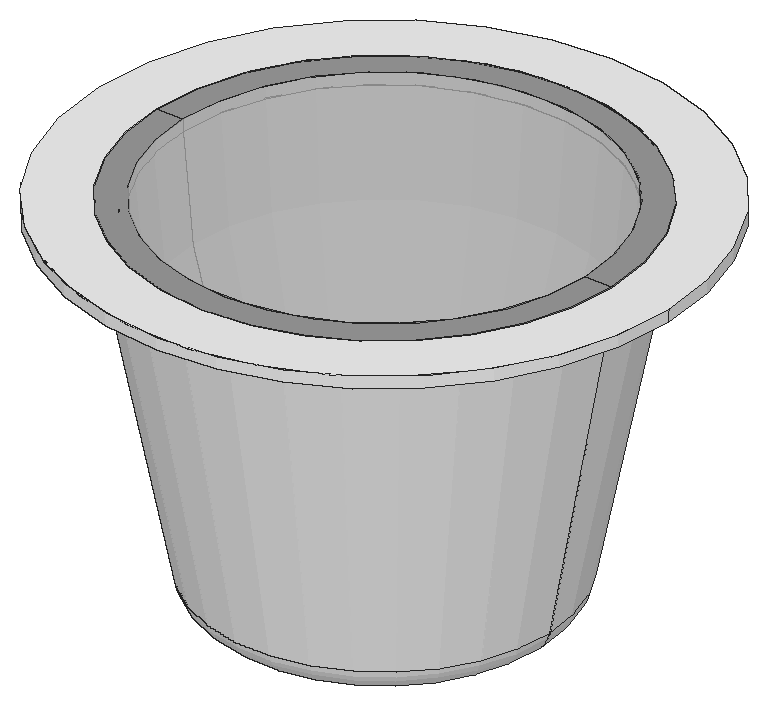
Revit family "2060502 Sylvania Lighting Fixture ASCENT100 II ARCH 650 3K DALI 120", category Lighting Fixtures, host Face, Revit 2016
Family settings
  Host = Face
  Part Type = Normal
  Round Connector Dimension = Use Diameter
  OmniClass Number = 23.80.70.11.17
  OmniClass Title = Specialized Lighting by Location or Use
  Cut with Voids When Loaded = No
  Light Source = Yes
  Shared = No
  Room Calculation Point = No
Parameters (values of type "2060502 ASCT100 II ARCH 650 3K DALI 120")
  Weight = "0.715 kg"
  WarrantyStartDate [instance] = "n/a"
  WarrantyGuarantorParts = "n/a"
  WarrantyDurationUnit = "n/a"
  WarrantyDurationParts = "n/a"
  WarrantyDescription = "n/a"
  Voltage = 0 V
  TypeName = "ASCENT100 II ARCH 650 3K DALI 120"
  SerialNumber [instance] = "n/a"
  ReflectorRadius_SYL = Radius_SYL - 15.0 mm  # 60.0 mm
  PowerFactor = 0
  PowerConsumption = "5 W"
  NominalWidth = 0.0 mm
  NominalLength = 0.0 mm
  NominalHeight = 94.0 mm
  Name = "ASCENT100 II ARCH 650 3K DALI 120"
  ModelReference = "ASCENT100 II ARCH 650 3K DALI 120"
  ModelNumber = "2060502"
  Material_4_SYL = Aluminium_Sylvania_Ascent_Silver
  Radius_SYL = 75.0 mm
  Wattage = 5 W
  built-in parameter 1150110 = 1 (stored number, unit not read)
  URL = "http://www.sylvania-lighting.com"
  built-in parameter 1114217 = 1 (stored number, unit not read)
  Tilt Angle = -90°
  built-in parameter 1150109 = 1 (stored number, unit not read)
  built-in parameter 1150134 = (empty or 0)
  built-in parameter 1150113 = 1 (stored number, unit not read)
  Photometric Web File = "2060502.ies"
  Material = "aluminium housing, acrylic diffuser"
  ManufacturerName = "Feilo Sylvania"
  LuminousEfficacy = "128 lm/W"
  LuminaireType = ""
  LightOutputRatio = "100"
  LampsType = Lamp  # "LED"
  LampNominalLuminous = "638 lm"
  LampMacAdamStep = "n/a"
  LampColourTemperature = "3000 K"
  LampColourRenderingIndex = "80"
  Keynote = "16500"
  InstallationDate [instance] = "n/a"
  InputVoltage = "n/a"
  InputNominalFrequency = "n/a"
  IngressProtection = "IP40"
  ImpactProtectionIndex = "IK02"
  IfcExportType = "IfcLightFixtureType"
  IfcExportAs = "IfcLightFixtureType"
  Height_SYL = 94.0 mm
  ExpectedLife = 50000
  Emit from Circle Diameter = 2 * DiffuserRadius_SYL  # 106.0 mm
  Emit Shape Visible in Rendering = no
  ElectricShockClassification = "Class II"
  DurationUnit = "hours"
  DocumentationLiterature = "http://www.sylvania-lighting.com/product/en-int/products/2060502"
  DimmingControlOptions = "n/a"
  DiffuserRadius_SYL = ReflectorRadius_SYL - 7.0 mm  # 53.0 mm
  Material_3_SYL = Polycarbonate_Sylvania_Ascent_Clear
  Diameter_SYL = 2 * Radius_SYL  # 150.0 mm
  CutoutDiameter_SYL = Diameter_SYL - 13.0 mm  # 137.0 mm
  CreatedOn = "9/17/2018"
  CreatedBy = "@sylvania-lighting.com"
  built-in parameter 1114216 [instance] = 1 (stored number, unit not read)
  Model = "ASCENT100 II ARCH 650 3K DALI 120"
  Manufacturer = "Feilo Sylvania"
  built-in parameter 1150105 = 50.93 (stored number, unit not read)
  Lumens = 640 lm
  built-in parameter 1150115 = 1 (stored number, unit not read)
  built-in parameter 1150137 = (empty or 0)
  built-in parameter 1150139 = (empty or 0)
  built-in parameter 1150112 = 1 (stored number, unit not read)
  built-in parameter 1150114 = 1 (stored number, unit not read)
  Lamp = "LED"
  built-in parameter 1150132 = 2
  built-in parameter 1150102 = (empty or 0)
  built-in parameter 1150107 = 3000 (stored number, unit not read)
  built-in parameter 1150138 = (empty or 0)
  built-in parameter 1150106 = 0.5093 (stored number, unit not read)
  Material_1_SYL = Aluminum_Sylvania_Ascent_White
  built-in parameter 1150104 = 11.892 (stored number, unit not read)
  Dimming Lamp Color Temperature Shift = <None>
  Description = "Direct LED retro fit for original LED 100 Arch (120) single CFL lamp offering Matching lumen levels and improved light distribution of original LED 100 CFL lamp equivalents Typically half the power consumption compared to CFL Up to 104lm/W 120mm aperture Architectural reflector accepts range of glass accessories from existing LED 100 Arch 120 offering HE, HO and VHO versions equivalent of single 1 x 13W, 1 x 18W, 1 x 26W Additional VVHO versions which offer the performance circa 2 x 26W equivalent"  # constant formula
  Default Elevation = 0.0 mm
  Color Filter = 16777215
  built-in parameter 1140040 [instance] = 1
  BarCode [instance] = "n/a"
  built-in parameter 1114218 = 1 (stored number, unit not read)
  built-in parameter 1150133 = 10 (stored number, unit not read)
  AssetType = "Fixed"
  AssetIdentifier [instance] = "n/a"
  Assembly Code = "D5020200"
  Apparent Load = 5 VA
  Aperture_SYL = 2 * ReflectorRadius_SYL  # 120.0 mm
  Material_2_SYL = Aluminum_Sylvania_Ascent_White
Reference planes
  plane 1 "Center (Front/Back)": y = 0
  plane 2: z = 0
  plane 3 "Center (Left/Right)": x = 0
  plane 4 "Fixture Bottom": z = 3
  plane 5: z = -52.5
  plane 6 "Fixture Top": z = -91
Forms (mm)
  Extrusion 1, solid, material "Aluminum_Sylvania_Ascent_White" <- "Material_2_SYL", detail levels fine
    sketch origin (0, 0, 0) x (1, 0, 0) y (0, 1, 0)
      loop
        circle (0, 0) r 75
      loop
        circle (0, 0) r 60
    from 0 to 3
  Extrusion 2, void
    sketch origin (0, 0, 0) x (1, 0, 0) y (0, 1, 0)
      loop
        circle (0, 0) r 68.5
    from -91 to 3
  Revolve 3, solid, material "Aluminum_Sylvania_Ascent_White" <- "Material_1_SYL", detail levels fine
    sketch origin (0, 0, 0) x (1, 0, 0) y (0, 0, 1)
      loop
        line (0, -91.073) -> (0, -89.023) -> (-35.468, -89.014)
        arc (-35.468, -89.014) -> (-39.352, -87.613) -> (-41.54, -84.139) r 6.307
        line (-41.54, -84.139) -> (-57.991, -2.844) -> (-57.991, 0) -> (-60, 0) -> (-60, -3) -> (-43.5, -84.536)
        arc (-43.5, -84.536) -> (-40.643, -89.203) -> (-35.5, -91.073) r 8.291
        line (-35.5, -91.073) -> (0, -91.073)
      axis (0, 0) -> (0, -91.073)
    angle from 0 to 360
  Revolve 4, solid, material "Aluminium_Sylvania_Ascent_Silver" <- "Material_4_SYL", detail levels fine
    sketch origin (0, 0, 0) x (1, 0, 0) y (0, 0, 1)
      loop
        line (-60, 3) -> (-60, 0) -> (-55, 0)
        arc (-55, 0) -> (-52.349, -26.77) -> (-44.5, -52.5) r 136.5
        line (-44.5, -52.5) -> (-38, -52.5)
        arc (-38, -52.5) -> (-36.857, -61.521) -> (-33.5, -69.971) r 36.166
        line (-33.5, -69.971) -> (0, -69.971) -> (0, -50.5) -> (-43.16, -50.5)
        arc (-43.16, -50.5) -> (-50.517, -25.725) -> (-53, 0) r 134.5
        line (-53, 0) -> (-53, 3) -> (-60, 3)
      axis (0, 3) -> (0, -69.971)
    angle from 0 to 360
  Extrusion 5, solid, material "Polycarbonate_Sylvania_Ascent_Clear" <- "Material_3_SYL", detail levels fine
    sketch origin (0, 0, 0) x (1, 0, 0) y (0, 1, 0)
      loop
        circle (0, 0) r 53
    from 0 to 3
  Revolve 6, solid, material "Aluminum_Sylvania_Ascent_White" <- "Material_2_SYL", detail levels coarse+medium
    sketch origin (0, 0, 0) x (1, 0, 0) y (0, 0, 1)
      loop
        line (0, -91.073) -> (0, 3) -> (-75, 3) -> (-75, 0) -> (-60, 0) -> (-60, -3) -> (-43.5, -84.536)
        arc (-43.5, -84.536) -> (-40.643, -89.203) -> (-35.5, -91.073) r 8.291
        line (-35.5, -91.073) -> (0, -91.073)
      axis (0, 3) -> (0, -91.073)
    angle from 0 to 360
Dimensions and locks
  locked: plane 4 "Fixture Bottom" to plane 2 at 3
  "Height_SYL": plane 4 "Fixture Bottom" to plane 6 "Fixture Top"
  "ReflectorRadius_SYL": plane 3 "Center (Left/Right)" to Revolve 4 sketch curve
  locked: Revolve 4 sketch curve to Revolve 4 sketch curve at 15.5
  locked: Revolve 4 sketch curve to Revolve 4 sketch curve at 5
  locked: Revolve 4 sketch curve to Revolve 4 sketch curve at 7
  locked: Revolve 4 sketch curve to Revolve 4 sketch curve at 22
  locked: Revolve 4 sketch curve to Revolve 4 sketch curve at 26.5
  locked: Revolve 3 sketch curve to Revolve 3 sketch curve at 16.5
  locked: Revolve 3 sketch curve to Revolve 3 sketch curve at 24.5
  "ReflectorRadius_SYL": Revolve 3 sketch curve to plane 3 "Center (Left/Right)"
  locked: Revolve 3 sketch curve to plane 6 "Fixture Top" at 6.464
  locked: plane 2 to Revolve 3 sketch curve at 3
  locked: Revolve 3 sketch curve to Revolve 3 sketch curve at 2
  locked: Revolve 3 sketch curve to Revolve 3 sketch curve at 2.009
  locked: plane 2 to plane 5 at 52.5
  locked: Revolve 6 sketch curve to Revolve 6 sketch curve at 31.5
  locked: Revolve 6 sketch curve to Revolve 6 sketch curve at 39.5
  locked: Revolve 6 sketch curve to Revolve 6 sketch curve at 15
  "Radius_SYL": plane 3 "Center (Left/Right)" to Revolve 6 sketch curve
  "CutoutDiameter_SYL": diameter of Extrusion 2 sketch curve
  "ReflectorRadius_SYL": radius of Extrusion 1 sketch curve
  "DiffuserRadius_SYL": radius of Extrusion 5 sketch curve
  "Radius_SYL": radius of Extrusion 1 sketch curve
  aligned and locked: host face to plane 2
  aligned and locked: host face to level
  aligned and locked: plane 1 "Center (Front/Back)" to imposter light
  aligned and locked: plane 3 "Center (Left/Right)" to imposter light
  aligned and locked: plane 4 "Fixture Bottom" to Extrusion 1
  aligned and locked: Extrusion 1 to plane 2
  aligned and locked: Revolve 3 sketch curve to plane 3 "Center (Left/Right)"
  aligned and locked: Revolve 4 sketch curve to plane 3 "Center (Left/Right)"  (x2)
  aligned and locked: plane 4 "Fixture Bottom" to Revolve 4 sketch curve
  aligned and locked: Revolve 3 sketch curve to imposter light
  aligned and locked: Extrusion 5 to plane 2
  aligned and locked: imposter light to Extrusion 5
  aligned and locked: plane 2 to Revolve 3 sketch curve  (x2)
  aligned and locked: Revolve 6 sketch curve to imposter light
  aligned and locked: Revolve 6 sketch curve to plane 3 "Center (Left/Right)"
  aligned and locked: plane 6 "Fixture Top" to Extrusion 2
  aligned and locked: imposter light to Extrusion 2
  aligned and locked: imposter light to plane 4 "Fixture Bottom"
Automatic sketch dimensions
  plane 1 "Center (Front/Back)" to Extrusion 2 sketch curve = 0.0 mm
  Extrusion 2 sketch curve to plane 3 "Center (Left/Right)" = 0.0 mm
  Extrusion 1 sketch curve to Extrusion 1 sketch curve = 0.0 mm  (x2)
  plane 1 "Center (Front/Back)" to Extrusion 1 sketch curve = 0.0 mm
  Extrusion 1 sketch curve to plane 3 "Center (Left/Right)" = 0.0 mm
  plane 6 "Fixture Top" to Revolve 3 sketch curve = 0.073 mm
  Revolve 3 sketch curve to plane 6 "Fixture Top" = 6.861 mm
  Revolve 3 sketch curve to Revolve 3 sketch curve = 0.003 mm
  Revolve 3 sketch curve to Revolve 3 sketch curve = 0.009 mm  (x2)
  Revolve 3 sketch curve to Revolve 3 sketch curve = 0.023 mm
  Revolve 3 sketch curve to Revolve 3 sketch curve = 0.072 mm
  Revolve 3 sketch curve to Revolve 3 sketch curve = 0.008 mm
  Revolve 3 sketch curve to plane 6 "Fixture Top" = 1.977 mm
  Revolve 3 sketch curve to Revolve 3 sketch curve = 33.496 mm
  Revolve 3 sketch curve to Revolve 3 sketch curve = 0.028 mm
  plane 4 "Fixture Bottom" to Revolve 3 sketch curve = 82.431 mm
  Revolve 4 sketch curve to Revolve 4 sketch curve = 0.0 mm  (x2)
  Revolve 4 sketch curve to plane 5 = 0.0 mm
  Revolve 4 sketch curve to level = 0.0 mm
  plane 5 to Revolve 4 sketch curve = 2.0 mm
  plane 4 "Fixture Bottom" to Revolve 4 sketch curve = 9.642 mm
  plane 1 "Center (Front/Back)" to Extrusion 5 sketch curve = 0.0 mm
  Extrusion 5 sketch curve to plane 3 "Center (Left/Right)" = 0.0 mm
  Revolve 4 sketch curve to level = 69.971 mm
  Revolve 4 sketch curve to Revolve 4 sketch curve = 2.387 mm
  Revolve 6 sketch curve to level = 0.0 mm
  Revolve 6 sketch curve to plane 3 "Center (Left/Right)" = 0.0 mm
  Revolve 6 sketch curve to Revolve 6 sketch curve = 8.104 mm
  Revolve 6 sketch curve to level = 3.0 mm
  Revolve 6 sketch curve to plane 6 "Fixture Top" = 6.464 mm
  plane 6 "Fixture Top" to Revolve 6 sketch curve = 0.073 mm
  Revolve 6 sketch curve to Revolve 6 sketch curve = 33.496 mm
  plane 4 "Fixture Bottom" to Revolve 6 sketch curve = 82.431 mm
  host sketch curve to host sketch curve = 1368.192 mm
  host sketch curve to host sketch curve = 1600.367 mm
Connectors
  electrical at (0, 0, -91.073), driven by "Apparent Load"
    settings: on Revolve 3, index 1, voltage 240 V, apparent load 0 VA, apparent load phase1 5 VA, apparent load phase2 0 VA, apparent load phase3 0 VA, power factor 1, load classification "Lighting", number of poles 1, system type 31, power factor state 1, is connector primary yes, connector utility no, sub classification motor no, connector description ""
